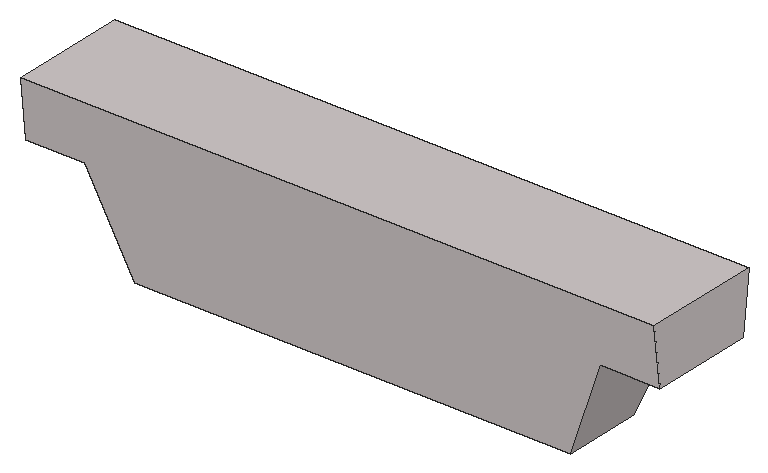
Revit family "M_Viga em cone pré-moldada com corte inclinado na extremidade", category Quadro estrutural, Revit 2019
Family settings
  Exibir em vistas ocultas = Arestas ocultadas por outros membros
  Arredondamento do comprimento do framing estrutural = 0.0 mm
  Forma do corte = Não definido
  Material para o comportamento do modelo = Concreto pré-moldado
  Exportar sempre como geometria = Não
  Número OmniClass = 23.25.30.11.14.14
  Título OmniClass = Beams
  ID de item do Seek = Precast-Cone Shaped Beam with Sloped Cut End-0000-CAN-ENU
  Sempre na vertical = Sim
  Corte com vazios quando carregada = Não
  Representação simbólica = Da família
  Compartilhado = Não
  Exibir o pré-corte da família na vista da planta = Sim
Parameters (values of type "200-300x400-Corte dos dois lados")
  Largura superior = 300.0 mm
  Peso da vara de tirante [instance] = 30
  Vara de tirante W [instance] = (Peso da vara de tirante) * 9.80 kN / 1000  # 0.294 kN
  Structural Material [instance] = Concreto - Moldado in loco - 35 MPa
  Peso do vergalhão simples [instance] = 50
  Vergalhão em W simples [instance] = (Peso do vergalhão simples * 9.80 kN) / 1000  # 0.49 kN
  Peso das grades de vergalhão [instance] = 100
  Grades de vergalhão W [instance] = (Peso das grades de vergalhão * 9.80 kN) / 1000  # 0.98 kN
  Comprimento do deslocamento 2 = 100.0 mm
  Comprimento do deslocamento 1 = 100.0 mm
  Profundidade do corte [instance] = 250.0 mm
  Extensão 2 [instance] = 150.0 mm
  Extensão 1 [instance] = 150.0 mm
  Linear = 400.0 mm
  Largura inferior = 200.0 mm
  Assembly Code = ""
  Length [instance] = 1500.0 mm
Types (3, lengths in mm): name | Comprimento do deslocamento 1
  (no name) | 100.0
  200-300x400-Corte dos dois lados | 100.0
  200-300x400-Corte em um lado | 90.0
Reference planes
  plane 1 "Centro (Frente/Trás)": y = 0
  plane 2: z = 0
  plane 3 "Centro (Esquerda/Direita)": x = 0
  plane 4 "Membro esquerdo": x = -654.019
  plane 5 "Membro direito": x = 654.019
  plane 6 "Esquerda": x = -754.019
  plane 7 "Direita": x = 745.981
  plane 8: z = 50
  plane 9: z = 200
  plane 10: x = -804.019
  plane 11: y = -150
  plane 12: y = 150
  plane 13: x = 804.019
  plane 14: z = -200
  plane 15: x = -554.019
  plane 16: x = 554.019
  plane 17: y = 100
  plane 18: y = -100
Forms (mm)
  Sweep 1, solid, material "Concreto - Moldado in loco - 35 MPa" <- "Structural Material"
    path origin (0, 374, 0) x (1, 0, 0) y (0, 1, 0)
      loop
        line (-804.019, -374) -> (804.019, -374)
    profile origin (0, 0, 0) x (0, 1, 0) y (0, 0, 1)
      loop
        line (-100, -200) -> (100, -200) -> (150, 200) -> (-150, 200) -> (-100, -200)
  Extrusion 2, void
    sketch origin (0, 0, 0) x (1, 0, 0) y (0, 0, 1)
      loop
        line (-554.019, -200) -> (-654.019, 50) -> (-804.019, 50) -> (-804.019, -200) -> (-554.019, -200)
      loop
        line (809.019, -200) -> (809.019, 50) -> (654.019, 50) -> (554.019, -200) -> (809.019, -200)
    from -150 to 150
Cuts and joins
  Extrusion 2 cuts Sweep 1
Dimensions and locks
  "Length": plane 6 "Esquerda" to plane 7 "Direita"
  locked: level to plane 2 at 0
  equal spacing: plane 12, plane 1 "Centro (Frente/Trás)", plane 11
  "Largura superior": plane 12 to plane 11
  equal spacing: plane 9, plane 2, plane 14
  "Linear": plane 9 to plane 14
  "Profundidade do corte": plane 8 to plane 14
  equal spacing: plane 17, plane 1 "Centro (Frente/Trás)", plane 18
  "Largura inferior": plane 17 to plane 18
  locked: Extrusion 2 sketch curve to plane 13 at 5
  "Extensão 1": plane 10 to plane 4 "Membro esquerdo"
  "Extensão 2": plane 5 "Membro direito" to plane 13
  "Comprimento do deslocamento 1": plane 4 "Membro esquerdo" to plane 15
  "Comprimento do deslocamento 2": plane 16 to plane 5 "Membro direito"
  aligned and locked: plane 10 to Sweep 1 sketch curve
  aligned and locked: plane 1 "Centro (Frente/Trás)" to Sweep 1 sketch curve
  aligned and locked: plane 13 to Sweep 1 sketch curve
  aligned and locked: Sweep 1 sketch curve to plane 9
  aligned and locked: plane 14 to Sweep 1 sketch curve
  aligned and locked: plane 17 to Sweep 1 sketch curve
  aligned and locked: plane 18 to Sweep 1 sketch curve
  aligned and locked: plane 11 to Sweep 1 sketch curve
  aligned and locked: plane 12 to Sweep 1 sketch curve
  aligned and locked: Extrusion 2 sketch curve to plane 8  (x2)
  aligned and locked: plane 10 to Extrusion 2 sketch curve
  aligned and locked: plane 14 to Extrusion 2 sketch curve  (x2)
  aligned and locked: plane 15 to Extrusion 2 sketch curve
  aligned and locked: Extrusion 2 to plane 12
  aligned and locked: plane 11 to Extrusion 2
  aligned and locked: plane 16 to Extrusion 2 sketch curve
  aligned and locked: plane 4 "Membro esquerdo" to Extrusion 2 sketch curve
  aligned and locked: plane 5 "Membro direito" to Extrusion 2 sketch curve
